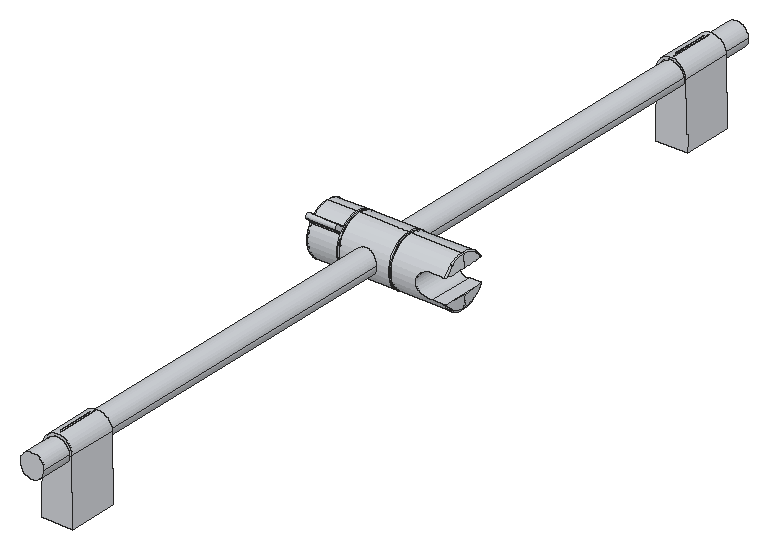
Revit family "Shower-Slidebar-KOHLER-Awaken-K-98341", category Specialty Equipment, host Face, Revit 2015
Parameters (values of type "CP-Polished Chrome")
  Width = 4 3/8"  # constant formula
  URL = "https://www.us.kohler.com/us/"
  Type = 1
  Product Page URL = "http://www.us.kohler.com/us/catalog/productDetails.jsp?productNumber=98341"
  Product Name = "Awaken"  # constant formula
  Product Documentation Link = "http://www.us.kohler.com/onlinecatalog/pdf/K-98341_spec.pdf"
  Model = if(Type = 1, "K-98341-CP", if(Type = 2, "K-98341-BN", if(Type = 3, "K-98341-2BZ", "NA")))  # "K-98341-CP"
  Material = "Finish is engineered to resist corrosion and daily wear"  # constant formula
  MasterFormat 2004 = "10.28.13"  # constant formula
  MasterFormat 1995 = "10820"  # constant formula
  Manufacturer Address = "444 Highland Dr, Kohler, WI 53044"  # constant formula
  Manufacturer = "KOHLER Co."  # constant formula
  Length = 2 1/2"  # constant formula
  Height = 27 1/2"  # constant formula
  Finish = Kohler-Metal-CP-Polished_Chrome
  Environmental Product Declaration = ""
  Description = "24 Inch Shower Slidebar"  # constant formula
  Default Elevation = 42"
  Declare Label = ""
  Date Modified = "11/14/2018"  # constant formula
  Date Created = "11/14/2018"  # constant formula
  Copyright = "Copyright KOHLER Co."  # constant formula
  Contact Us = "https://www.us.kohler.com/us/static/contact.jsp"
  Assembly Code = "C1030200"
  ADA Compliant = 1 = 1  # yes
Types (4): name | Type | Model | Finish
  (no name) | 1 | "K-98341-CP" | Kohler-Metal-CP-Polished_Chrome
  CP-Polished Chrome | 1 | "K-98341-CP" | Kohler-Metal-CP-Polished_Chrome
  BN-Vibrant Brushed Nicke | 2 | "K-98341-BN" | Kohler-Metal-BN-Vibrant_Brushed_Nickel
  2BZ-Oil Rubbed Bronze | 3 | "K-98341-2BZ" | Kohler-Metal-2BZ-Oil_Rubbed_Bronze
Reference planes (in)
  plane 1 "Center (Front/Back)": y = 0
  plane 2: z = 0
  plane 3 "Center (Left/Right)": x = 0
  plane 4: y = 13.75
  plane 5: y = -13.75
  plane 6: x = -1.84882
  plane 7: x = 2.52618
  plane 8: z = 2.5
Dimensions and locks (in)
  "Height": plane 4 to plane 5
  "Width": plane 6 to plane 7
  "Length": plane 8 to plane 2
  aligned and locked: plane 2 to host face
  aligned and locked: level to host face
Automatic sketch dimensions
  host sketch curve to host sketch curve = 96"  (x2)
Nested families (in)
  nested 1: "K-98341" at (0, 0, 0), type "K-98341"
Definition of nested family "K-98341"
  Parameters (values of type "K-98341")
    Material = none
  Reference planes (in)
    plane 1 "Center (Front/Back)": y = 0
    plane 2: z = 0
    plane 3 "Center (Left/Right)": x = 0
    plane 4: y = -13.75
    plane 5: y = 13.75
    plane 6: y = 12
    plane 7: z = 2.5
    plane 8: x = -1.84882
    plane 9: x = 2.52618
  Forms (in)
    Extrusion 1, solid, material <- "Material", detail levels medium+fine
      sketch origin (0, 0, 0.06392) x (-1, 0, 0) y (0, 0, 1)
        loop
          circle (0, 1.97064) r 0.374
      from -13.75 to 13.75
    Revolve 2, solid, material <- "Material", detail levels medium+fine
      sketch origin (0, 0, 0.06392) x (-1, 0, 0) y (0, 0, 1)
        loop
          line (0.78221, 2.68588) -> (0.78221, 2.74204)
          arc (0.78221, 2.74204) -> (0.77637, 2.75614) -> (0.76228, 2.76198) r 0.01994
          line (0.76228, 2.76198) -> (-0.76228, 2.76198)
          arc (-0.76228, 2.76198) -> (-0.77637, 2.75614) -> (-0.78221, 2.74204) r 0.01994
          line (-0.78221, 2.74204) -> (-0.78221, 2.68588) -> (-0.81297, 2.68588)
          arc (-0.81297, 2.68588) -> (-0.82683, 2.69162) -> (-0.83257, 2.70547) r 0.0196
          line (-0.83257, 2.70547) -> (-0.83257, 2.74159)
          arc (-0.83257, 2.74159) -> (-0.83854, 2.75601) -> (-0.85296, 2.76198) r 0.02039
          line (-0.85296, 2.76198) -> (-2.43686, 2.76198)
          arc (-2.43686, 2.76198) -> (-2.46397, 2.75176) -> (-2.47756, 2.72618) r 0.04103
          arc (-2.47756, 2.72618) -> (-2.51401, 2.34739) -> (-2.52618, 1.96704) r 5.95086
          line (-2.52618, 1.96704) -> (1.84881, 1.96704)
          arc (1.84881, 1.96704) -> (1.83665, 2.34739) -> (1.80019, 2.72618) r 5.95086
          arc (1.80019, 2.72618) -> (1.7866, 2.75176) -> (1.7595, 2.76198) r 0.04103
          line (1.7595, 2.76198) -> (0.85296, 2.76198)
          arc (0.85296, 2.76198) -> (0.83854, 2.75601) -> (0.83257, 2.74159) r 0.02039
          line (0.83257, 2.74159) -> (0.83257, 2.70547)
          arc (0.83257, 2.70547) -> (0.82683, 2.69162) -> (0.81297, 2.68588) r 0.0196
          line (0.81297, 2.68588) -> (0.78221, 2.68588)
        axis (1.84881, 1.96704) -> (-2.52618, 1.96704)
      angle from 0 to 360
    Extrusion 3, solid, material <- "Material", detail levels medium+fine
      sketch origin (0, 0, 0.06392) x (-1, 0, 0) y (0, 0, 1)
        loop
          line (-0.45955, 1.97653) -> (-0.49517, -0.06392) -> (0.49517, -0.06392) -> (0.45955, 1.97653)
          arc (0.45955, 1.97653) -> (0, 2.43608) -> (-0.45955, 1.97653) r 0.45955
        loop
          arc (-0.09581, 2.34544) -> (0, 1.59537) -> (0.09581, 2.34544) r 0.38115
          arc (0.09581, 2.34544) -> (0.08163, 2.35183) -> (0.07036, 2.36256) r 0.04625
          arc (0.07036, 2.36256) -> (0.05822, 2.37229) -> (0.04288, 2.37488) r 0.03092
          arc (0.04288, 2.37488) -> (0, 2.37578) -> (-0.04288, 2.37488) r 1.019
          arc (-0.04288, 2.37488) -> (-0.05822, 2.37229) -> (-0.07036, 2.36256) r 0.03092
          arc (-0.07036, 2.36256) -> (-0.08163, 2.35183) -> (-0.09581, 2.34544) r 0.04625
      from 11.21968 to 12.77758
    Extrusion 4, solid, material <- "Material", detail levels medium+fine
      sketch origin (0, 0, 0.06392) x (-1, 0, 0) y (0, 0, -1)
        loop
          arc (-0.45955, -1.97653) -> (0, -2.43608) -> (0.45955, -1.97653) r 0.45955
          line (0.45955, -1.97653) -> (0.49517, 0.06392) -> (-0.49517, 0.06392) -> (-0.45955, -1.97653)
        loop
          arc (-0.09581, -2.34544) -> (-0.08163, -2.35183) -> (-0.07036, -2.36256) r 0.04625
          arc (-0.07036, -2.36256) -> (-0.05822, -2.37229) -> (-0.04288, -2.37488) r 0.03092
          arc (-0.04288, -2.37488) -> (0, -2.37578) -> (0.04288, -2.37488) r 1.019
          arc (0.04288, -2.37488) -> (0.05822, -2.37229) -> (0.07036, -2.36256) r 0.03092
          arc (0.07036, -2.36256) -> (0.08163, -2.35183) -> (0.09581, -2.34544) r 0.04625
          arc (0.09581, -2.34544) -> (0, -1.59537) -> (-0.09581, -2.34544) r 0.38115
      from 11.21968 to 12.77758
    Extrusion 5, void
      sketch origin (0, 1.98489, 2.04881) x (0, 0, 1) y (-1, 0, 0)
        loop
          arc (-0.36775, -2.49814) -> (-0.37872, -2.5218) -> (-0.40372, -2.5292) r 0.03166
          arc (-0.40372, -2.5292) -> (-0.44828, -2.54087) -> (-0.47153, -2.58063) r 0.06018
          line (-0.47153, -2.58063) -> (0.47153, -2.58063)
          arc (0.47153, -2.58063) -> (0.44828, -2.54087) -> (0.40372, -2.5292) r 0.06018
          arc (0.40372, -2.5292) -> (0.37872, -2.5218) -> (0.36775, -2.49814) r 0.03166
          line (0.36775, -2.49814) -> (0.36381, -2.10098)
          arc (0.36381, -2.10098) -> (0, -1.6077) -> (-0.36381, -2.10098) r 0.3808
          line (-0.36381, -2.10098) -> (-0.36775, -2.49814)
      from 0.97931 to 2.99047
    Extrusion 6, solid, material <- "Material", detail levels medium+fine
      sketch origin (0, 0, 0.06392) x (0, 1, 0) y (0, 0, 1)
        loop
          arc (-0.69817, 2.68861) -> (-0.80907, 2.68175) -> (-0.80221, 2.57085) r 0.07857
          line (-0.80221, 2.57085) -> (-0.69837, 2.47911)
          arc (-0.69837, 2.47911) -> (-0.66212, 2.40493) -> (-0.68895, 2.32685) r 0.10787
          line (-0.68895, 2.32685) -> (-0.44207, 2.60629)
          arc (-0.44207, 2.60629) -> (-0.51625, 2.57004) -> (-0.59433, 2.59687) r 0.10787
          line (-0.59433, 2.59687) -> (-0.69817, 2.68861)
      from -1.78148 to -0.85147
    Extrusion 7, solid, material <- "Material", detail levels coarse
      sketch origin (0, 0, 0.06392) x (-1, 0, 0) y (0, 0, 1)
        loop
          circle (0, 1.97064) r 0.39781
      from -13.75 to 13.75
    Extrusion 8, solid, material <- "Material", detail levels coarse
      sketch origin (0, 0, 0.06392) x (-1, 0, 0) y (0, 0, 1)
        loop
          line (0.49405, -0.06392) -> (0.49405, 2.43608) -> (-0.49405, 2.43608) -> (-0.49405, -0.06392) -> (0.49405, -0.06392)
      from 11.21968 to 12.77758
    Extrusion 9, solid, material <- "Material", detail levels coarse
      sketch origin (0, 0, 0.06392) x (-1, 0, 0) y (0, 0, -1)
        loop
          line (0.49405, 0.06392) -> (-0.49405, 0.06392) -> (-0.49405, -2.43608) -> (0.49405, -2.43608) -> (0.49405, 0.06392)
      from 11.21968 to 12.77758
    Extrusion 10, solid, material <- "Material", detail levels coarse
      sketch origin (0, 0, 0.06392) x (0, 1, 0) y (0, 0, 1)
        loop
          circle (0, 1.96704) r 0.79494
      from -1.85145 to 2.51569
  Cuts and joins
    Extrusion 5 cuts Revolve 2
    joined: Extrusion 1, Revolve 2, Extrusion 3, Extrusion 4, Extrusion 6
    joined: Extrusion 7, Extrusion 8, Extrusion 9, Extrusion 10
  Lines and regions (in)
    Masking region 1
      outline origin (0, 0, 0) x (0, 1, 0) y (-1, 0, 0)
        loop
          line (-12.77758, -0.374) -> (-12.77758, -0.49517) -> (-11.21968, -0.49517) -> (-11.21968, -0.374) -> (-0.79493, -0.374) -> (-0.79493, -0.76007)
          arc (-0.79493, -0.76007) -> (-0.78872, -0.77508) -> (-0.77371, -0.78129) r 0.02122
          line (-0.77371, -0.78129) -> (-0.71884, -0.78129) -> (-0.71884, -0.81202)
          arc (-0.71884, -0.81202) -> (-0.72485, -0.82655) -> (-0.73938, -0.83257) r 0.02055
          line (-0.73938, -0.83257) -> (-0.77338, -0.83257)
          arc (-0.77338, -0.83257) -> (-0.78862, -0.83888) -> (-0.79493, -0.85412) r 0.02155
          line (-0.79493, -0.85412) -> (-0.79493, -1.61645)
          arc (-0.79493, -1.61645) -> (-0.73623, -1.85559) -> (-0.7157, -2.10098) r 1.56735
          line (-0.7157, -2.10098) -> (-0.71403, -2.44924)
          arc (-0.71403, -2.44924) -> (-0.70044, -2.47941) -> (-0.66894, -2.48953) r 0.04072
          arc (-0.66894, -2.48953) -> (0, -2.52618) -> (0.66894, -2.48953) r 6.12272
          arc (0.66894, -2.48953) -> (0.70044, -2.47941) -> (0.71403, -2.44924) r 0.04072
          line (0.71403, -2.44924) -> (0.7157, -2.10098)
          arc (0.7157, -2.10098) -> (0.73623, -1.85559) -> (0.79493, -1.61645) r 1.56735
          line (0.79493, -1.61645) -> (0.79493, -0.85412)
          arc (0.79493, -0.85412) -> (0.78862, -0.83888) -> (0.77338, -0.83257) r 0.02155
          line (0.77338, -0.83257) -> (0.73938, -0.83257)
          arc (0.73938, -0.83257) -> (0.72485, -0.82655) -> (0.71884, -0.81202) r 0.02055
          line (0.71884, -0.81202) -> (0.71884, -0.78129) -> (0.77371, -0.78129)
          arc (0.77371, -0.78129) -> (0.78872, -0.77508) -> (0.79493, -0.76007) r 0.02122
          line (0.79493, -0.76007) -> (0.79493, -0.374) -> (11.21968, -0.374) -> (11.21968, -0.49517) -> (12.77758, -0.49517) -> (12.77758, -0.374) -> (13.75, -0.374) -> (13.75, 0.374) -> (12.77758, 0.374) -> (12.77758, 0.49517) -> (11.21968, 0.49517) -> (11.21968, 0.374) -> (0.79493, 0.374) -> (0.79493, 0.76007)
          arc (0.79493, 0.76007) -> (0.78872, 0.77508) -> (0.77371, 0.78129) r 0.02122
          line (0.77371, 0.78129) -> (0.71884, 0.78129) -> (0.71884, 0.81202)
          arc (0.71884, 0.81202) -> (0.72485, 0.82655) -> (0.73938, 0.83257) r 0.02055
          line (0.73938, 0.83257) -> (0.77338, 0.83257)
          arc (0.77338, 0.83257) -> (0.78765, 0.83797) -> (0.79477, 0.85147) r 0.02155
          line (0.79477, 0.85147) -> (0.79477, 1.76959)
          arc (0.79477, 1.76959) -> (0.78289, 1.79538) -> (0.75735, 1.80777) r 0.04213
          arc (0.75735, 1.80777) -> (0, 1.84882) -> (-0.75735, 1.80777) r 7.00834
          arc (-0.75735, 1.80777) -> (-0.7783, 1.79943) -> (-0.79194, 1.78148) r 0.04213
          line (-0.79194, 1.78148) -> (-0.82876, 1.78148) -> (-0.82876, 0.85147) -> (-0.79477, 0.85147)
          arc (-0.79477, 0.85147) -> (-0.78765, 0.83797) -> (-0.77338, 0.83257) r 0.02155
          line (-0.77338, 0.83257) -> (-0.73938, 0.83257)
          arc (-0.73938, 0.83257) -> (-0.72485, 0.82655) -> (-0.71884, 0.81202) r 0.02055
          line (-0.71884, 0.81202) -> (-0.71884, 0.78129) -> (-0.77371, 0.78129)
          arc (-0.77371, 0.78129) -> (-0.78872, 0.77508) -> (-0.79493, 0.76007) r 0.02122
          line (-0.79493, 0.76007) -> (-0.79493, 0.374) -> (-11.21968, 0.374) -> (-11.21968, 0.49517) -> (-12.77758, 0.49517) -> (-12.77758, 0.374) -> (-13.75, 0.374) -> (-13.75, -0.374) -> (-12.77758, -0.374)
    Masking region 2
      outline origin (0, 0, 0) x (0, 1, 0) y (0, 0, 1)
        loop
          line (13.75, 1.66056) -> (13.75, 2.40856) -> (12.77758, 2.40856) -> (12.77758, 2.5) -> (11.21968, 2.5) -> (11.21968, 2.40856) -> (0.69955, 2.40856)
          arc (0.69955, 2.40856) -> (0.14463, 2.81265) -> (-0.51813, 2.63387) r 0.79496
          arc (-0.51813, 2.63387) -> (-0.55885, 2.63992) -> (-0.59433, 2.66079) r 0.10787
          line (-0.59433, 2.66079) -> (-0.69817, 2.75254)
          arc (-0.69817, 2.75254) -> (-0.80907, 2.74568) -> (-0.80221, 2.63478) r 0.07857
          line (-0.80221, 2.63478) -> (-0.69837, 2.54303)
          arc (-0.69837, 2.54303) -> (-0.67328, 2.51038) -> (-0.66225, 2.47071) r 0.10787
          arc (-0.66225, 2.47071) -> (-0.68161, 2.44006) -> (-0.69955, 2.40856) r 0.79496
          line (-0.69955, 2.40856) -> (-11.21968, 2.40856) -> (-11.21968, 2.5) -> (-12.77758, 2.5) -> (-12.77758, 2.40856) -> (-13.75, 2.40856) -> (-13.75, 1.66056) -> (-12.77758, 1.66056) -> (-12.77758, 0) -> (-11.21968, 0) -> (-11.21968, 1.66056) -> (-0.70339, 1.66056)
          arc (-0.70339, 1.66056) -> (0, 1.23601) -> (0.70339, 1.66056) r 0.79496
          line (0.70339, 1.66056) -> (11.21968, 1.66056) -> (11.21968, 0) -> (12.77758, 0) -> (12.77758, 1.66056) -> (13.75, 1.66056)
    Masking region 3
      outline origin (0, 0, 0) x (1, 0, 0) y (0, 0, 1)
        loop
          line (-0.78221, 2.7498) -> (-0.81297, 2.7498)
          arc (-0.81297, 2.7498) -> (-0.82683, 2.75554) -> (-0.83257, 2.7694) r 0.0196
          line (-0.83257, 2.7694) -> (-0.83257, 2.80551)
          arc (-0.83257, 2.80551) -> (-0.83854, 2.81993) -> (-0.85296, 2.8259) r 0.02039
          line (-0.85296, 2.8259) -> (-1.7595, 2.8259)
          arc (-1.7595, 2.8259) -> (-1.7866, 2.81568) -> (-1.8002, 2.7901) r 0.04103
          arc (-1.8002, 2.7901) -> (-1.84882, 2.03096) -> (-1.8002, 1.27182) r 5.95086
          arc (-1.8002, 1.27182) -> (-1.7866, 1.24625) -> (-1.7595, 1.23603) r 0.04103
          line (-1.7595, 1.23603) -> (-0.85296, 1.23603)
          arc (-0.85296, 1.23603) -> (-0.83854, 1.242) -> (-0.83257, 1.25642) r 0.02039
          line (-0.83257, 1.25642) -> (-0.83257, 1.29253)
          arc (-0.83257, 1.29253) -> (-0.82683, 1.30639) -> (-0.81297, 1.31213) r 0.0196
          line (-0.81297, 1.31213) -> (-0.78221, 1.31213) -> (-0.78221, 1.25596)
          arc (-0.78221, 1.25596) -> (-0.77637, 1.24186) -> (-0.76228, 1.23603) r 0.01994
          line (-0.76228, 1.23603) -> (-0.47359, 1.23603) -> (-0.49517, 0) -> (0.49517, 0) -> (0.47359, 1.23603) -> (0.76228, 1.23603)
          arc (0.76228, 1.23603) -> (0.77637, 1.24186) -> (0.78221, 1.25596) r 0.01994
          line (0.78221, 1.25596) -> (0.78221, 1.31213) -> (0.81297, 1.31213)
          arc (0.81297, 1.31213) -> (0.82683, 1.30639) -> (0.83257, 1.29253) r 0.0196
          line (0.83257, 1.29253) -> (0.83257, 1.25642)
          arc (0.83257, 1.25642) -> (0.83854, 1.242) -> (0.85296, 1.23603) r 0.02039
          line (0.85296, 1.23603) -> (2.44848, 1.23603)
          arc (2.44848, 1.23603) -> (2.47558, 1.24625) -> (2.48918, 1.27182) r 0.04103
          arc (2.48918, 1.27182) -> (2.51085, 1.46531) -> (2.52618, 1.6594) r 5.95086
          arc (2.52618, 1.6594) -> (2.51479, 1.67499) -> (2.49645, 1.68107) r 0.03166
          line (2.49645, 1.68107) -> (2.10093, 1.68498)
          arc (2.10093, 1.68498) -> (1.6077, 2.04885) -> (2.10099, 2.41262) r 0.3808
          line (2.10099, 2.41262) -> (2.49847, 2.41656)
          arc (2.49847, 2.41656) -> (2.51466, 2.4212) -> (2.52618, 2.43349) r 0.03166
          arc (2.52618, 2.43349) -> (2.51137, 2.61206) -> (2.49119, 2.7901) r 5.95086
          arc (2.49119, 2.7901) -> (2.4776, 2.81568) -> (2.4505, 2.8259) r 0.04103
          line (2.4505, 2.8259) -> (0.85296, 2.8259)
          arc (0.85296, 2.8259) -> (0.83854, 2.81993) -> (0.83257, 2.80551) r 0.02039
          line (0.83257, 2.80551) -> (0.83257, 2.7694)
          arc (0.83257, 2.7694) -> (0.82683, 2.75554) -> (0.81297, 2.7498) r 0.0196
          line (0.81297, 2.7498) -> (0.78221, 2.7498) -> (0.78221, 2.80597)
          arc (0.78221, 2.80597) -> (0.77637, 2.82006) -> (0.76228, 2.8259) r 0.01994
          line (0.76228, 2.8259) -> (-0.76228, 2.8259)
          arc (-0.76228, 2.8259) -> (-0.77637, 2.82006) -> (-0.78221, 2.80597) r 0.01994
          line (-0.78221, 2.80597) -> (-0.78221, 2.7498)
    symbolic lines, detail levels medium+fine
      curve 1: line (-0.374, -12.77758, 0) -> (0.38115, -12.77758, 0)
      curve 2: line (-0.374, -11.21968, 0) -> (0.374, -11.21968, 0)
      curve 3: line (-0.83257, -0.73938, 0) -> (-0.83257, 0.73938, 0)
      curve 4: line (-0.78221, 0.71884, 0) -> (-0.78221, -0.71884, 0)
      curve 5: line (0.78129, -0.71884, 0) -> (0.78129, 0.71884, 0)
      curve 6: line (0.83257, -0.73938, 0) -> (0.83257, 0.73938, 0)
      curve 7: line (-1.78148, -0.5181, 0) -> (-0.85147, -0.5181, 0)
      curve 8: line (-0.85147, -0.79477, 0) -> (-0.85147, -0.5181, 0)
      curve 9: line (-1.78148, -0.79195, 0) -> (-1.78148, -0.5181, 0)
      curve 10: arc (-0.374, -0.79493, 0) -> (0, -0.70079, 0) -> (0.374, -0.79493, 0) r 0.78999
      curve 11: arc (-0.374, 0.79493, 0) -> (0, 0.70079, 0) -> (0.374, 0.79493, 0) r 0.78999
      curve 12: line (-0.374, 12.77758, 0) -> (0.38115, 12.77758, 0)
      curve 13: line (-0.374, 11.21968, 0) -> (0.374, 11.21968, 0)
      curve 14: line (0, 12.77758, 1.6593) -> (0, 12.77758, 2.40936)
      curve 15: line (0, 11.21968, 1.6593) -> (0, 11.21968, 2.40856)
      curve 16: arc (0, -0.51813, 2.63387) -> (0, -0.5958, 2.55725) -> (0, -0.66225, 2.47071) r 0.79496
      curve 17: arc (0, 0.70339, 1.66056) -> (0, 0.79491, 2.03915) -> (0, 0.69561, 2.41578) r 0.79496
      curve 18: arc (0, -0.69955, 2.40856) -> (0, -0.79495, 2.03504) -> (0, -0.70339, 1.66056) r 0.79496
      curve 19: line (0, -12.77758, 1.6593) -> (0, -12.77758, 2.40936)
      curve 20: line (0, -11.21968, 1.6593) -> (0, -11.21968, 2.40856)
      curve 21: line (-0.78221, 0, 2.7498) -> (-0.78221, 0, 1.31213)
      curve 22: line (-0.78221, 0, 1.31213) -> (-0.83257, 0, 1.29253)
      curve 23: line (-0.83257, 0, 1.29253) -> (-0.83257, 0, 2.7694)
      curve 24: line (0.78221, 0, 2.7498) -> (0.78221, 0, 1.31213)
      curve 25: line (0.83257, 0, 1.29253) -> (0.83257, 0, 2.7694)
      curve 26: arc (0.45955, 0, 2.04045) -> (0, 0, 2.5) -> (-0.45955, 0, 2.04045) r 0.45955
      curve 27: arc (0.09581, 0, 2.40936) -> (0, 0, 1.6593) -> (-0.09581, 0, 2.40936) r 0.38115
      curve 28: arc (-0.09581, 0, 2.40936) -> (-0.08163, 0, 2.41575) -> (-0.07036, 0, 2.42648) r 0.04625
      curve 29: arc (-0.07036, 0, 2.42648) -> (-0.05822, 0, 2.43621) -> (-0.04288, 0, 2.4388) r 0.03092
      curve 30: arc (-0.04288, 0, 2.4388) -> (0, 0, 2.4397) -> (0.04288, 0, 2.4388) r 1.019
      curve 31: arc (0.04288, 0, 2.4388) -> (0.05822, 0, 2.43621) -> (0.07036, 0, 2.42648) r 0.03092
      curve 32: arc (0.07036, 0, 2.42648) -> (0.08163, 0, 2.41575) -> (0.09581, 0, 2.40936) r 0.04625
      curve 33: line (-0.47359, 0, 1.23603) -> (-0.45955, 0, 2.04045)
      curve 34: line (0.47359, 0, 1.23603) -> (0.45955, 0, 2.04045)
  Dimensions and locks (in)
    plane 9 to plane 8 = 4 3/8"
    aligned and locked: level to plane 2
